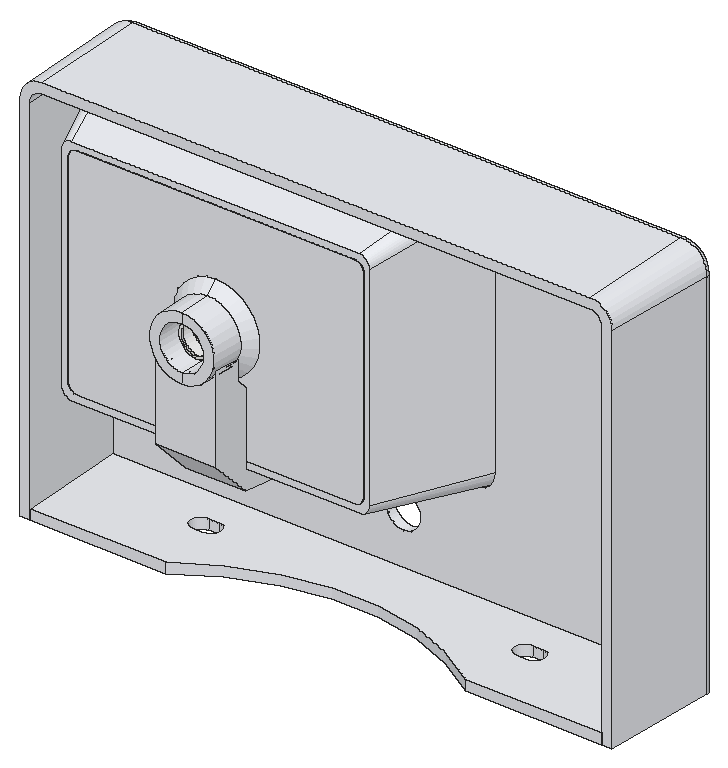
Revit family "CLARK SQUARE 600 RHS WB NTH", category Plumbing Fixtures, host Face, Revit 2015
Parameters (values of type "CLARK SQUARE 600 RHS WB 3TH")
  Waste Connection = yes
  Vent Connection = no
  URL = "https://www.clark.com.au/"
  Tap Penetrations = if([3 Tapholes], 0 mm, -70 mm)  # 0 mm
  Spout Penetration = if(or([1 Taphole], [3 Tapholes]), 0 mm, -70 mm)  # 0 mm
  Model = "CL40008-W3RH"
  Material_Waste = GWA_Metal-Chrome
  Material_Basin = GWA-Porcelain-White
  Manufacturer = "GWA Bathrooms & Kitchens"  # constant formula
  HW Connection = no
  Description = "CLARK SQUARE 600 RHS WB 3TH"
  Default Elevation = 0 mm
  CreatedBy_ANZRS = "GWA Bathrooms & Kitchens"  # constant formula
  CW Connection = no
  Assembly Code = "D2010400"
  3 Tapholes = yes
  1 Taphole = yes
Types (4, lengths in mm): name | Tap Penetrations | Spout Penetration | Model | Description | 3 Tapholes | 1 Taphole
  (no name) | 0 | 0 | "CL40008-W3RH" | "CLARK SQUARE 600 RHS WB 3TH" | yes | yes
  CLARK SQUARE 600 RHS WB NTH | -70 | -70 | "CL40008-W0RH" | "CLARK SQUARE 600 RHS WB NTH" | no | no
  CLARK SQUARE 600 RHS WB 1TH | -70 | 0 | "CL40008-W1RH" | "CLARK SQUARE 600 RHS WB 1TH" | no | yes
  CLARK SQUARE 600 RHS WB 3TH | 0 | 0 | "CL40008-W3RH" | "CLARK SQUARE 600 RHS WB 3TH" | yes | yes
Reference planes
  plane 1 "Center (Front/Back)": y = 0
  plane 2: z = 0
  plane 3 "Center (Left/Right)": x = 0
Forms (mm)
  Sweep 1, solid, material "GWA-Porcelain-White" <- "Material_Basin"
    path in 3D
      loop
        line (-200, 55, 0) -> (-200, 55, 374)
        arc (-200, 55, 374) -> (-192.385, 55, 392.385) -> (-174, 55, 400) r 26
        line (-174, 55, 400) -> (374, 55, 400)
        arc (374, 55, 400) -> (392.385, 55, 392.385) -> (400, 55, 374) r 26
        line (400, 55, 374) -> (400, 55, 0)
    profile origin (100, 55, 400) x (0, 0, 1) y (0, -1, 0)
      loop
        line (-4, 120) -> (-14, 120) -> (-8.493, 6) -> (-8.5, 0) -> (-6.203, 0)
        arc (-6.203, 0) -> (-1.891, 1.829) -> (-0.207, 6.2) r 6
        line (-0.207, 6.2) -> (-4, 120)
  Sweep 2, solid, material "GWA-Porcelain-White" <- "Material_Basin"
    path in 3D
      loop
        arc (138, -45, 348) -> (145.071, -45, 345.071) -> (148, -45, 338) r 10
        line (148, -45, 338) -> (148, -45, 138)
        arc (148, -45, 138) -> (145.071, -45, 130.929) -> (138, -45, 128) r 10
        line (138, -45, 128) -> (-138, -45, 128)
        arc (-138, -45, 128) -> (-145.071, -45, 130.929) -> (-148, -45, 138) r 10
        line (-148, -45, 138) -> (-148, -45, 338)
        arc (-148, -45, 338) -> (-145.071, -45, 345.071) -> (-138, -45, 348) r 10
        line (-138, -45, 348) -> (138, -45, 348)
    profile origin (0, -45, 348) x (0, 0, 1) y (0, -1, 0)
      loop
        line (0, 0) -> (0, 10) -> (-9.5, 10)
        arc (-9.5, 10) -> (-2.988, 6.674) -> (0, 0) r 11
  Sweep 3, solid, material "GWA-Porcelain-White" <- "Material_Basin"
    path in 3D
      loop
        arc (174, 55, 391.5) -> (186.374, 55, 386.374) -> (191.5, 55, 374) r 17.5
        line (191.5, 55, 374) -> (191.5, 55, 126)
        arc (191.5, 55, 126) -> (186.374, 55, 113.626) -> (174, 55, 108.5) r 17.5
        line (174, 55, 108.5) -> (-174, 55, 108.5)
        arc (-174, 55, 108.5) -> (-186.374, 55, 113.626) -> (-191.5, 55, 126) r 17.5
        line (-191.5, 55, 126) -> (-191.5, 55, 374)
        arc (-191.5, 55, 374) -> (-186.374, 55, 386.374) -> (-174, 55, 391.5) r 17.5
        line (-174, 55, 391.5) -> (174, 55, 391.5)
    profile origin (0, 55, 391.5) x (0, 0, 1) y (0, -1, 0)
      loop
        line (0, 0.007) -> (0.007, 6) -> (-5.993, 6)
        arc (-5.993, 6) -> (-4.236, 1.764) -> (0, 0.007) r 6
  Extrusion 4, solid, material "GWA-Porcelain-White" <- "Material_Basin"
    sketch origin (0, -55, 0) x (0, 0, 1) y (-1, 0, 0)
      loop
        line (348, -138) -> (348, 138)
        arc (348, 138) -> (345.071, 145.071) -> (338, 148) r 10
        line (338, 148) -> (138, 148)
        arc (138, 148) -> (130.929, 145.071) -> (128, 138) r 10
        line (128, 138) -> (128, -138)
        arc (128, -138) -> (130.929, -145.071) -> (138, -148) r 10
        line (138, -148) -> (338, -148)
        arc (338, -148) -> (345.071, -145.071) -> (348, -138) r 10
    from 0 to 10
  Blend 5, void
    base sketch origin (0, -59.5, 0) x (0, 0, 1) y (-1, 0, 0)
      loop
        circle (238, 0) r 37
    top sketch origin (0, -55, 0) x (0, 0, 1) y (-1, 0, 0)
      loop
        line (338.5, 138.5) -> (137.5, 138.5) -> (137.5, -138.5) -> (338.5, -138.5) -> (338.5, 138.5)
    from 0 to 0
  Blend 6, solid, material "GWA-Porcelain-White" <- "Material_Basin"
    base sketch origin (0, -65, 0) x (0, 0, 1) y (-1, 0, 0)
      loop
        line (354, -144) -> (354, 144)
        arc (354, 144) -> (351.071, 151.071) -> (344, 154) r 10
        line (344, 154) -> (132, 154)
        arc (132, 154) -> (124.929, 151.071) -> (122, 144) r 10
        line (122, 144) -> (122, -144)
        arc (122, -144) -> (124.929, -151.071) -> (132, -154) r 10
        line (132, -154) -> (344, -154)
        arc (344, -154) -> (351.071, -151.071) -> (354, -144) r 10
    top sketch origin (0, -65, 0) x (0, 0, 1) y (-1, 0, 0)
      loop
        line (391.5, -174) -> (391.5, 174)
        arc (391.5, 174) -> (386.374, 186.374) -> (374, 191.507) r 17.5
        line (374, 191.507) -> (126, 191.5)
        arc (126, 191.5) -> (113.626, 186.374) -> (108.493, 174) r 17.5
        line (108.493, 174) -> (108.5, -174)
        arc (108.5, -174) -> (113.626, -186.374) -> (126, -191.507) r 17.5
        line (126, -191.507) -> (374, -191.5)
        arc (374, -191.5) -> (386.374, -186.374) -> (391.5, -174) r 17.5
    from 0 to -114
  Blend 7, void
    base sketch origin (0, -45, 0) x (0, 0, 1) y (-1, 0, 0)
      loop
        line (338, 148) -> (138, 148)
        arc (138, 148) -> (130.929, 145.071) -> (128, 138) r 10
        line (128, 138) -> (128, -138)
        arc (128, -138) -> (130.929, -145.071) -> (138, -148) r 10
        line (138, -148) -> (338, -148)
        arc (338, -148) -> (345.071, -145.071) -> (348, -138) r 10
        line (348, -138) -> (348, 138)
        arc (348, 138) -> (345.071, 145.071) -> (338, 148) r 10
    top sketch origin (0, -45, 0) x (0, 0, 1) y (-1, 0, 0)
      loop
        line (114.493, 174) -> (114.493, -174)
        arc (114.493, -174) -> (117.863, -182.137) -> (126, -185.507) r 11.507
        line (126, -185.507) -> (374, -185.507)
        arc (374, -185.507) -> (382.137, -182.137) -> (385.507, -174) r 11.507
        line (385.507, -174) -> (385.507, 174)
        arc (385.507, 174) -> (382.137, 182.137) -> (374, 185.507) r 11.507
        line (374, 185.507) -> (126, 185.507)
        arc (126, 185.507) -> (117.863, 182.137) -> (114.493, 174) r 11.507
    from 0 to -94
  Extrusion 8, void
    sketch origin (0, -45, 0) x (0, 0, 1) y (-1, 0, 0)
      loop
        line (348, -138) -> (348, 138)
        arc (348, 138) -> (345.071, 145.071) -> (338, 148) r 10
        line (338, 148) -> (138, 148)
        arc (138, 148) -> (130.929, 145.071) -> (128, 138) r 10
        line (128, 138) -> (128, -138)
        arc (128, -138) -> (130.929, -145.071) -> (138, -148) r 10
        line (138, -148) -> (338, -148)
        arc (338, -148) -> (345.071, -145.071) -> (348, -138) r 10
    from 0 to 36.143
  Extrusion 9, void
    sketch origin (376.515, -138.338, 0) x (1, 0, 0) y (0, 1, 0)
      loop
        arc (-119.515, 148.338) -> (-129.515, 138.338) -> (-119.515, 128.338) r 10
        line (-119.515, 128.338) -> (-109.515, 128.338)
        arc (-109.515, 128.338) -> (-99.515, 138.338) -> (-109.515, 148.338) r 10
        line (-109.515, 148.338) -> (-119.515, 148.338)
    from -20 to 20
  Extrusion 10, void
    sketch origin (52.515, -138.338, 0) x (1, 0, 0) y (0, 1, 0)
      loop
        arc (-119.515, 148.338) -> (-129.515, 138.338) -> (-119.515, 128.338) r 10
        line (-119.515, 128.338) -> (-109.515, 128.338)
        arc (-109.515, 128.338) -> (-99.515, 138.338) -> (-109.515, 148.338) r 10
        line (-109.515, 148.338) -> (-119.515, 148.338)
    from -20 to 20
  Extrusion 11, void
    sketch origin (59.761, -146.11, 141.816) x (1, 0, 0) y (0, 0.990268, -0.139173)
      loop
        arc (-78.761, 181.898) -> (-84.761, 175.898) -> (-78.761, 169.898) r 6
        line (-78.761, 169.898) -> (-40.761, 169.898)
        arc (-40.761, 169.898) -> (-34.761, 175.898) -> (-40.761, 181.898) r 6
        line (-40.761, 181.898) -> (-78.761, 181.898)
    from -20 to 20
  Extrusion 12, void
    sketch origin (0, -45, 0) x (0, 0, 1) y (-1, 0, 0)
      loop
        circle (238, 0) r 37
    from -20 to 21.723
  Revolve 13, solid, material "GWA-Porcelain-White" <- "Material_Basin"
    sketch origin (0, 0, 0) x (0, 1, 0) y (0, 0, 1)
      loop
        line (-59.5, 275) -> (-65, 275) -> (-65, 281.487) -> (-75.487, 271) -> (-107.487, 270) -> (-107.487, 260) -> (-72.487, 260) -> (-60.069, 272.717) -> (-59.5, 274.114) -> (-59.5, 275)
      axis (-59.5, 238) -> (-107.487, 238)
    angle from 0 to 360
  Extrusion 14, solid, material "GWA-Porcelain-White" <- "Material_Basin"
    sketch origin (0, 0, 0) x (0, 1, 0) y (0, 0, 1)
      loop
        line (-65, 194.513) -> (-75.487, 205) -> (-75.487, 238) -> (-102.668, 238) -> (-102.668, 139.668) -> (-65, 102) -> (49, 88.493) -> (49, 108.493) -> (-65, 122) -> (-65, 194.513)
    from -30 to 30
  Extrusion 15, void
    sketch origin (0, -45, 0) x (0, 0, 1) y (-1, 0, 0)
      loop
        circle (238, 0) r 22.5
    from 0 to 100
  Extrusion 16, solid, material "GWA-Porcelain-White" <- "Material_Basin"
    sketch origin (200, 0, 0) x (1, 0, 0) y (0, 1, 0)
      loop
        line (-386, -65) -> (186, -65) -> (191.314, 45) -> (-391.314, 45) -> (-386, -65)
    from 10 to 0
  Extrusion 17, void
    sketch origin (201.954, 156.521, 0) x (1, 0, 0) y (0, 1, 0)
      loop
        circle (-101.954, -421.521) r 250
    from 50 to 0
  Extrusion 18, solid, material "GWA-Porcelain-White" <- "Material_Basin"
    sketch origin (0, 55, 0) x (0, 0, 1) y (-1, 0, 0)
      loop
        line (0, -391.5) -> (374, -391.5)
        arc (374, -391.5) -> (386.374, -386.374) -> (391.5, -374) r 17.5
        line (391.5, -374) -> (391.5, -174)
        arc (391.5, -174) -> (386.374, -186.374) -> (374, -191.5) r 17.5
        line (374, -191.5) -> (126, -191.5)
        arc (126, -191.5) -> (113.626, -186.374) -> (108.5, -174) r 17.5
        line (108.5, -174) -> (108.5, 174)
        arc (108.5, 174) -> (113.626, 186.374) -> (126, 191.5) r 17.5
        line (126, 191.5) -> (0, 191.5) -> (0, -391.5)
    from 10 to 0
  Revolve 19, solid, material "GWA_Metal-Chrome" <- "Material_Waste"
    sketch origin (0, -223.299, 316.484) x (0, 0, -1) y (0, 1, 0)
      loop
        line (95.607, 133.565) -> (97.728, 137.24) -> (97.728, 150.89) -> (99.827, 155.393) -> (99.827, 159.253) -> (108.473, 160.565) -> (108.473, 161.365) -> (98.478, 160.49) -> (98.478, 155.692) -> (95.729, 149.795) -> (95.729, 137.775) -> (93.299, 133.565) -> (95.607, 133.565)
      axis (78.484, 161.365) -> (78.484, 133.565)
    angle from 0 to 360
  Revolve 20, solid, material "GWA_Metal-Chrome" <- "Material_Waste"
    sketch origin (0, -223.299, 316.484) x (0, 0, -1) y (0, 1, 0)
      loop
        line (98.178, 159.504) -> (98.178, 160.504)
        arc (98.178, 160.504) -> (88.381, 161.998) -> (78.484, 162.514) r 100
        line (78.484, 162.514) -> (78.484, 159.504) -> (98.178, 159.504)
      axis (78.484, 162.514) -> (78.484, 159.504)
    angle from 0 to 360
  Extrusion 21, void
    sketch origin (619.336, 0, 60) x (1, 0, 0) y (0, 0, 1)
      loop
        circle (-619.336, 0) r 14
    from -80 to 0 <- "Spout Penetration"
  Extrusion 22, void
    sketch origin (655.183, 0, 60) x (1, 0, 0) y (0, 0, 1)
      loop
        circle (-755.183, 0) r 17
    from -80 to 0 <- "Tap Penetrations"
  Extrusion 23, void
    sketch origin (855.183, 0, 60) x (1, 0, 0) y (0, 0, 1)
      loop
        circle (-755.183, 0) r 17
    from -80 to 0 <- "Tap Penetrations"
Cuts and joins
  Blend 5, Extrusion 12 cuts Extrusion 4
  Blend 7, Extrusion 8, Extrusion 11 cuts Blend 6
  Extrusion 15 cuts Extrusion 14
  Extrusion 9, Extrusion 10, Extrusion 17 cuts Extrusion 16
  Extrusion 21, Extrusion 22, Extrusion 23 cuts Extrusion 18
Lines and regions (mm)
  Masking region 1
    outline origin (0, 0, 0) x (1, 0, 0) y (0, 1, 0)
      loop
        line (-33, -75.487) -> (-32, -107.487) -> (32, -107.487) -> (33, -75.487) -> (43.487, -65) -> (-43.487, -65) -> (-33, -75.487)
  Masking region 2
    outline origin (0, 0, 0) x (1, 0, 0) y (0, 0, 1)
      loop
        line (373.793, 400) -> (-174.207, 400)
        arc (-174.207, 400) -> (-192.591, 392.385) -> (-200.207, 374) r 26
        line (-200.207, 374) -> (-200.207, 0) -> (399.793, 0) -> (399.793, 374)
        arc (399.793, 374) -> (392.178, 392.385) -> (373.793, 400) r 26
  Masking region 3
    outline origin (0, 0, 0) x (0, 1, 0) y (0, 0, 1)
      loop
        line (-75.487, 271) -> (-107.487, 271) -> (-107.487, 206) -> (-102.668, 205.849) -> (-102.668, 139.668) -> (-65, 102) -> (-65, 281.487) -> (-75.487, 271)
  sketch lines
    curve 1: line (-174, 55, 400) -> (374, 55, 400)
    curve 2: arc (-174, 55, 400) -> (-192.385, 55, 392.385) -> (-200, 55, 374) r 26
    curve 3: line (-200, 55, 0) -> (-200, 55, 374)
    curve 4: arc (374, 55, 400) -> (392.385, 55, 392.385) -> (400, 55, 374) r 26
    curve 5: line (400, 55, 374) -> (400, 55, 0)
    curve 6: line (-138, -45, 348) -> (138, -45, 348)
    curve 7: arc (-148, -45, 338) -> (-145.071, -45, 345.071) -> (-138, -45, 348) r 10
    curve 8: arc (-148, -45, 138) -> (-145.071, -45, 130.929) -> (-138, -45, 128) r 10
    curve 9: line (-148, -45, 138) -> (-148, -45, 338)
    curve 10: line (138, -45, 128) -> (-138, -45, 128)
    curve 11: arc (138, -45, 128) -> (145.071, -45, 130.929) -> (148, -45, 138) r 10
    curve 12: arc (138, -45, 348) -> (145.071, -45, 345.071) -> (148, -45, 338) r 10
    curve 13: line (148, -45, 338) -> (148, -45, 138)
    curve 14: line (-174, 55, 391.5) -> (174, 55, 391.5)
    curve 15: arc (-191.5, 55, 374) -> (-186.374, 55, 386.374) -> (-174, 55, 391.5) r 17.5
    curve 16: line (-191.5, 55, 126) -> (-191.5, 55, 374)
    curve 17: arc (-191.5, 55, 126) -> (-186.374, 55, 113.626) -> (-174, 55, 108.5) r 17.5
    curve 18: line (174, 55, 108.5) -> (-174, 55, 108.5)
    curve 19: arc (174, 55, 108.5) -> (186.374, 55, 113.626) -> (191.5, 55, 126) r 17.5
    curve 20: line (191.5, 55, 374) -> (191.5, 55, 126)
    curve 21: arc (174, 55, 391.5) -> (186.374, 55, 386.374) -> (191.5, 55, 374) r 17.5
  symbolic lines
    curve 22: line (-196, -65, 0) -> (396, -65, 0)
    curve 23: line (393.797, 55, 0) -> (-193.797, 55, 0)
    curve 24: line (-196, -65, 0) -> (-199.793, 48.8, 0)
    curve 25: line (396, -65, 0) -> (399.793, 48.8, 0)
    curve 26: arc (393.797, 55, 0) -> (398.109, 53.171, 0) -> (399.793, 48.8, 0) r 6
    curve 27: arc (-199.793, 48.8, 0) -> (-198.109, 53.171, 0) -> (-193.797, 55, 0) r 6
    curve 28: line (-33, -75.487, 0) -> (-32, -107.487, 0)
    curve 29: line (-32, -107.487, 0) -> (32, -107.487, 0)
    curve 30: line (32, -107.487, 0) -> (33, -75.487, 0)
    curve 31: line (33, -75.487, 0) -> (43.487, -65, 0)
    curve 32: line (-33, -75.487, 0) -> (-43.487, -65, 0)
    curve 33: line (399.793, 0, 0) -> (399.793, 0, 374)
    curve 34: line (-200.207, 0, 0) -> (-200.207, 0, 374)
    curve 35: line (399.793, 0, 0) -> (-200.207, 0, 0)
    curve 36: line (373.793, 0, 400) -> (-174.207, 0, 400)
    curve 37: arc (399.793, 0, 374) -> (392.178, 0, 392.385) -> (373.793, 0, 400) r 26
    curve 38: arc (-174.207, 0, 400) -> (-192.591, 0, 392.385) -> (-200.207, 0, 374) r 26
    curve 39: line (174, 0, 391.5) -> (-174, 0, 391.5)
    curve 40: line (191.5, 0, 374) -> (191.5, 0, 126)
    curve 41: line (138, 0, 348) -> (-138, 0, 348)
    curve 42: line (148, 0, 138) -> (148, 0, 338)
    curve 43: line (-148, 0, 338) -> (-148, 0, 138)
    curve 44: line (-138, 0, 128) -> (138, 0, 128)
    curve 45: line (-191.5, 0, 374) -> (-191.5, 0, 126)
    curve 46: line (174, 0, 108.5) -> (-174, 0, 108.5)
    curve 47: circle (0, 0, 238) r 30 normal (0, -1, 0)
    curve 48: circle (0, 0, 238) r 20 normal (0, -1, 0)
    curve 49: arc (191.5, 0, 374) -> (186.374, 0, 386.374) -> (174, 0, 391.5) r 17.5
    curve 50: arc (-174, 0, 391.5) -> (-186.374, 0, 386.374) -> (-191.5, 0, 374) r 17.5
    curve 51: arc (-191.5, 0, 126) -> (-186.374, 0, 113.626) -> (-174, 0, 108.5) r 17.5
    curve 52: arc (174, 0, 108.5) -> (186.374, 0, 113.626) -> (191.5, 0, 126) r 17.5
    curve 53: arc (138, 0, 128) -> (145.071, 0, 130.929) -> (148, 0, 138) r 10
    curve 54: arc (-138, 0, 128) -> (-145.071, 0, 130.929) -> (-148, 0, 138) r 10
    curve 55: arc (-148, 0, 338) -> (-145.071, 0, 345.071) -> (-138, 0, 348) r 10
    curve 56: arc (138, 0, 348) -> (145.071, 0, 345.071) -> (148, 0, 338) r 10
    curve 57: line (0, -65, 396) -> (0, -65, 0)
    curve 58: line (0, -65, 0) -> (0, 55, 0)
    curve 59: line (0, 55, 0) -> (0, 55, 393.804)
    curve 60: line (0, -65, 396) -> (0, 48.8, 399.801)
    curve 61: arc (0, 48.8, 399.801) -> (0, 53.171, 398.117) -> (0, 55, 393.804) r 6
    curve 62: line (0, -75.487, 271) -> (0, -107.487, 271)
    curve 63: line (0, -107.487, 271) -> (0, -107.487, 206)
    curve 64: line (0, -107.487, 206) -> (0, -75.487, 205)
    curve 65: line (0, -75.487, 205) -> (0, -65, 194.513)
    curve 66: line (0, -75.487, 271) -> (0, -65, 281.487)
    curve 67: line (0, -102.668, 205.849) -> (0, -102.668, 139.668)
    curve 68: line (0, -102.668, 139.668) -> (0, -65, 102)
  symbolic lines, visible <- "3 Tapholes"
    curve 69: circle (-100, 0, 60) r 17 normal (0, -1, 0)
    curve 71: circle (100, 0, 60) r 17 normal (0, -1, 0)
  symbolic lines, visible <- "1 Taphole"
    curve 70: circle (0, 0, 60) r 14 normal (0, -1, 0)
Dimensions and locks
  aligned and locked: plane 2 to host face
  aligned and locked: level to host face
Connectors
  piping at (0, -107.487, 238), diameter 60
    settings: on Revolve 13, index 1, connector inside diameter 609.6 mm, connector length 0 mm, flow factor 0, pipe flow 0.0 L/s, pressure drop 0.0 Pa, fitting loss kfactor 0, connector angle 0.00°, fixture units 0, engagement length 0 mm, angle of deflection 0.00°, flow configuration 3, flow direction 2, fitting loss method 0, system type 16, joint type 0, gender type 0, connector reference index -1, connector utility 0, adjustable connector no, is connector primary yes, connector description ""
